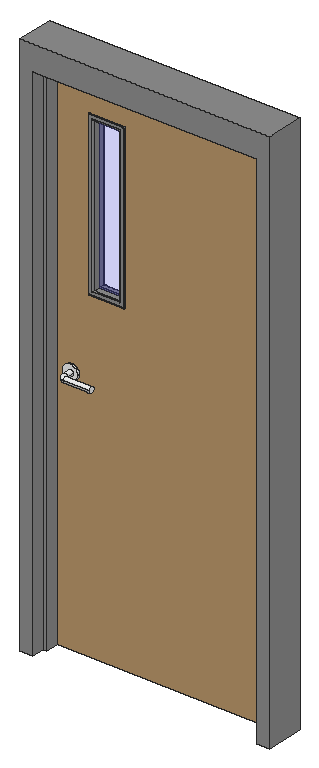
Revit family "M_Porta-Passagem-Única-Leve_Visão", category Portas, Revit 2019
Family settings
  Hospedeiro = Parede
  Número OmniClass = 23.30.10.00
  Título OmniClass = Doors
  Sempre na vertical = Sim
  Corte com vazios quando carregada = Não
  Compartilhado = Não
  Ponto de cálculo do ambiente = Não
Parameters
  Visual Light Transmittance = 0
  Espessura = 45 mm
  Resistência térmica (R) = 0.455703 (m²·K)/W
  Ângulo de abertura [instance] = 90.00°
  Altura do traçado = 1000 mm
  Solar Heat Gain Coefficient = 0
  Rough Width [instance] = Width + MFOpeningWidth  # 1000 mm
  Rough Height [instance] = Height + MFOpeningHeight  # 2200 mm
  Material do painel = Madeira - Bétula
  Moldura de alvenaria [instance] = yes
  MFOpeningHeight [instance] = if(Moldura de alvenaria, 100 mm, 30 mm)  # 100 mm
  MFOpeningWidth [instance] = if(Moldura de alvenaria, 100 mm, 60 mm)  # 100 mm
  Calcular inserção [instance] = if(Moldura de alvenaria, Inserção de alvenaria + 80 mm, 80 mm)  # 105 mm
  Inserção de alvenaria [instance] = 25 mm
  Height = 2100 mm
  Fechamento da parede = Por hospedeiro
  Width = 900 mm
  Coeficiente de transferência de calor (U) = 2.19465 W/(m²·K)
  Vidraça = Vidro
  Material de proteção de vidro = Metal - Acabamento de pintura - Cinza
  Função = Exterior
  Material da moldura = Metal - Acabamento de pintura - Cinza
  Profundidade da moldura de alvenaria = 150 mm
  Moldura de Dry Wall [instance] = not(Moldura de alvenaria)  # no
  Material da maçaneta = Alumín. 1
  Código de montagem = "B2030100"
  Construção analítica = "Madeira"
Reference planes
  plane 1 "Centro (Frente/Trás)": y = 0
  plane 2 "Centro (Esquerda/Direita)": x = 0
  plane 3 "Esquerda": x = -500
  plane 4 "Direita": x = 500
  plane 5 "Superior": z = 2200
  plane 6 "Exterior": y = 107.95
  plane 7 "Interior": y = -95.25
  plane 8 "Painel esquerdo da porta": x = -450
  plane 9 "Painel direito da porta": x = 450
  plane 10 "Topo do painel": z = 2100
  plane 11: z = 0
  plane 12: z = 0
  plane 13 "Traseira da porta": y = 37.95
  plane 14: z = 1000
  plane 15 "Frente da porta": y = 82.95
  plane 16: y = -67.05
  plane 17: y = 33.187
  plane 18: x = -434.125
  plane 19: y = -17.838
  plane 20: z = 2149.2
  plane 21: y = 187.95
  plane 22: z = 2150
  plane 23: x = 470.05
  plane 24: x = 519.05
  plane 25: y = 120.65
  plane 26: y = -107.95
  plane 27: x = 454.175
  plane 28: y = 33.187
  plane 29: y = -4.913
  plane 30: z = 1947.6
  plane 31: z = 1312.6
  plane 32: x = -297.6
  plane 33: x = -170.6
  plane 34: y = 63.625
  plane 35: y = 57.275
  plane 36: y = 60.45
  plane 37 "Vidro": y = 60.45
Forms (mm)
  Extrusion 1, solid, material "Madeira - Bétula" <- "Material do painel"
    sketch origin (0, 0, 0) x (1, 0, 0) y (0, 0, 1)
      loop
        line (450, 2100) -> (-450, 2100) -> (-450, 0) -> (450, 0) -> (450, 2100)
      loop
        line (-170.6, 1947.6) -> (-297.6, 1947.6) -> (-297.6, 1312.6) -> (-170.6, 1312.6) -> (-170.6, 1947.6)
    from -82.95 to -37.95
  Sweep 2, solid, material "Metal - Acabamento de pintura - Cinza" <- "Material da moldura", visible <- "Moldura de alvenaria"
    path origin (0, 107.95, 0) x (1, 0, 0) y (0, 0, 1)
      loop
        line (500, 0) -> (500, 2150) -> (-500, 2150) -> (-500, 0)
    profile origin (-500, 107.95, 1075) x (0, -1, 0) y (1, 0, 0)
      loop
        line (25, 50) -> (25, 0) -> (175, 0) -> (175, 50) -> (125.787, 50) -> (125.787, 65.875) -> (74.762, 65.875) -> (74.762, 50) -> (25, 50)
  Extrusion 3, solid, material "Metal - Acabamento de pintura - Cinza" <- "Material da moldura", visible <- "Moldura de alvenaria"
    sketch origin (0, 0, 0) x (0, 1, 0) y (0, 0, 1)
      loop
        line (82.95, 2200) -> (-67.05, 2200) -> (-67.05, 2149.2) -> (82.95, 2149.2) -> (82.95, 2200)
    from -500 to 500
  Sweep 4, solid, material "Metal - Acabamento de pintura - Cinza" <- "Material da moldura", visible <- "Moldura de Dry Wall"
    path origin (0, 107.95, 0) x (1, 0, 0) y (0, 0, 1)
      loop
        line (500, 0) -> (500, 2200) -> (-500, 2200) -> (-500, 0)
    profile origin (500, 107.95, 1100) x (-1, 0, 0) y (0, -1, 0)
      loop
        line (-19.05, -12.7) -> (29.95, -12.7) -> (29.95, 74.762) -> (45.825, 74.762) -> (45.825, 112.862) -> (29.95, 112.862) -> (29.95, 215.9) -> (-19.05, 215.9) -> (-19.05, 203.2) -> (0, 203.2) -> (0, 0) -> (-19.05, 0) -> (-19.05, -12.7)
  Extrusion 5, solid, material "Vidro" <- "Vidraça"
    sketch origin (0, 60.45, 0) x (1, 0, 0) y (0, 0, 1)
      loop
        line (-170.6, 1947.6) -> (-297.6, 1947.6) -> (-297.6, 1312.6) -> (-170.6, 1312.6) -> (-170.6, 1947.6)
    from -2.5 to 2.5
  Sweep 6, solid, material "Metal - Acabamento de pintura - Cinza" <- "Material de proteção de vidro", detail levels fine
    path origin (0, 82.95, 0) x (-1, 0, 0) y (0, 0, 1)
      loop
        line (170.6, 1947.6) -> (170.6, 1312.6) -> (297.6, 1312.6) -> (297.6, 1947.6) -> (170.6, 1947.6)
    profile "Cantoneira de vidraça : Cantoneira de vidraça" origin (-234.1, 82.95, 1947.6) x (0, 0, 1) y (0, 1, 0)
      loop
        line (0, 0) -> (8, 0) -> (8, 4)
        arc (8, 4) -> (7.414, 5.414) -> (6, 6) r 2
        line (6, 6) -> (-7, 6)
        arc (-7, 6) -> (-10.536, 4.536) -> (-12, 1) r 5
        line (-12, 1) -> (-12, -20) -> (0, -20) -> (0, 0)
  Sweep 7, solid, material "Metal - Acabamento de pintura - Cinza" <- "Material de proteção de vidro", detail levels fine
    path origin (0, 37.95, 0) x (-1, 0, 0) y (0, 0, 1)
      loop
        line (170.6, 1312.6) -> (297.6, 1312.6) -> (297.6, 1947.6) -> (170.6, 1947.6) -> (170.6, 1312.6)
    profile "Cantoneira de vidraça : Cantoneira de vidraça" origin (-234.1, 37.95, 1312.6) x (0, 0, 1) y (0, 1, 0)
      loop
        line (0, 0) -> (-8, 0) -> (-8, -4)
        arc (-8, -4) -> (-7.414, -5.414) -> (-6, -6) r 2
        line (-6, -6) -> (7, -6)
        arc (7, -6) -> (10.536, -4.536) -> (12, -1) r 5
        line (12, -1) -> (12, 20) -> (0, 20) -> (0, 0)
Cuts and joins
  joined: Sweep 2, Extrusion 3
Lines and regions (mm)
  Opening 1
    outline origin (-2286, -95.25, 0) x (1, 0, 0) y (0, 0, 1)
      loop
        line (1786, 0) -> (2786, 0) -> (2786, 2200) -> (1786, 2200) -> (1786, 0)
  Masking region 1, visible <- "Moldura de alvenaria", detail levels coarse+medium
    outline origin (0, 0, 0) x (1, 0, 0) y (0, 1, 0)
      loop
        line (-500, 82.95) -> (-500, -67.05) -> (-450, -67.05) -> (-450, 82.95) -> (-500, 82.95)
      loop
        line (500, 82.95) -> (450, 82.95) -> (450, -67.05) -> (500, -67.05) -> (500, 82.95)
  Masking region 2, visible <- "Moldura de alvenaria", detail levels fine
    outline origin (0, 0, 0) x (1, 0, 0) y (0, 1, 0)
      loop
        line (-500, 82.95) -> (-500, -67.05) -> (-450, -67.05) -> (-450, -17.838) -> (-434.125, -17.838) -> (-434.125, 33.187) -> (-450, 33.187) -> (-450, 82.95) -> (-500, 82.95)
      loop
        line (500, 82.95) -> (450, 82.95) -> (450, 33.187) -> (434.125, 33.187) -> (434.125, -17.838) -> (450, -17.838) -> (450, -67.05) -> (500, -67.05) -> (500, 82.95)
  Masking region 3, visible <- "Moldura de Dry Wall", detail levels coarse+medium
    outline origin (0, 0, 0) x (1, 0, 0) y (0, 1, 0)
      loop
        line (470.05, -95.25) -> (500, -95.25) -> (500, 107.95) -> (470.05, 107.95) -> (470.05, -95.25)
      loop
        line (-500, 107.95) -> (-500, -95.25) -> (-470.05, -95.25) -> (-470.05, 107.95) -> (-500, 107.95)
  Masking region 4, visible <- "Moldura de Dry Wall", detail levels fine
    outline origin (0, 0, 0) x (1, 0, 0) y (0, 1, 0)
      loop
        line (-519.05, 120.65) -> (-519.05, 107.95) -> (-500, 107.95) -> (-500, -95.25) -> (-519.05, -95.25) -> (-519.05, -107.95) -> (-470.05, -107.95) -> (-470.05, -4.913) -> (-454.175, -4.913) -> (-454.175, 33.187) -> (-470.05, 33.187) -> (-470.05, 120.65) -> (-519.05, 120.65)
      loop
        line (519.05, 107.95) -> (519.05, 120.65) -> (470.05, 120.65) -> (470.05, 33.187) -> (454.175, 33.187) -> (454.175, -4.913) -> (470.05, -4.913) -> (470.05, -107.95) -> (519.05, -107.95) -> (519.05, -95.25) -> (500, -95.25) -> (500, 107.95) -> (519.05, 107.95)
  symbolic lines, style "Giro da elevação"
    curve 1: line (-450, 107.95, 2100) -> (450, 107.95, 1050)
    curve 2: line (450, 107.95, 1050) -> (-450, 107.95, 0)
  model lines, style "DoorsGlassProjection"
    curve 3: line (-170.6, 60.45, 1947.6) -> (-170.6, 60.45, 1312.6)
    curve 4: line (-297.6, 60.45, 1947.6) -> (-297.6, 60.45, 1312.6)
Text (mm)
  text "Exterior" at (-1904.17, 693.701, 0), in view "Nível de referência"
  text "Interior" at (-1904.17, -638.649, 0), in view "Nível de referência"
  text "Exterior" at (0, 1019.848, 3124.603), in view "Direita"
  text "Interior" at (0, -1635.541, 3124.603), in view "Direita"
  text "Interior" at (0, -787.806, 3124.376), in view "Esquerda"
  text "Exterior" at (0, 1386.095, 3124.376), in view "Esquerda"
Dimensions and locks
  equal spacing: plane 3 "Esquerda", plane 2 "Centro (Esquerda/Direita)", plane 4 "Direita"
  "Rough Height": level to plane 5 "Superior"
  equal spacing: plane 8 "Painel esquerdo da porta", plane 2 "Centro (Esquerda/Direita)", plane 9 "Painel direito da porta"
  "Width": plane 8 "Painel esquerdo da porta" to plane 9 "Painel direito da porta"
  "Height": level to plane 10 "Topo do painel"
  plane 11 to plane 12 = 0 mm
  "Rough Width": plane 3 "Esquerda" to plane 4 "Direita"
  equal spacing: plane 12, curve 2, plane 10 "Topo do painel"
  "Espessura": plane 15 "Frente da porta" to plane 13 "Traseira da porta"
  "Profundidade da moldura de alvenaria": plane 15 "Frente da porta" to plane 16
  locked: plane 13 "Traseira da porta" to plane 17 at 4.763
  locked: plane 16 to plane 19 at 49.213
  locked: plane 8 "Painel esquerdo da porta" to plane 18 at 15.875
  locked: plane 20 to plane 5 "Superior" at 50.8
  locked: plane 6 "Exterior" to plane 21 at 80
  "Calcular inserção": plane 21 to plane 15 "Frente da porta"
  locked: plane 10 "Topo do painel" to plane 22 at 50
  locked: plane 4 "Direita" to plane 24 at 19.05
  locked: plane 6 "Exterior" to plane 25 at 12.7
  locked: plane 26 to plane 7 "Interior" at 12.7
  locked: plane 23 to plane 24 at 49
  plane 13 "Traseira da porta" to plane 28 to plane 29 = 4.762 mm locked, 38.1 mm locked
  locked: plane 27 to plane 23 at 15.875
  "Altura do traçado": plane 11 to plane 14
  locked: plane 30 to plane 10 "Topo do painel" at 152.4
  locked: plane 8 "Painel esquerdo da porta" to plane 32 at 152.4
  locked: plane 32 to plane 33 at 127
  locked: plane 31 to plane 30 at 635
  equal spacing: plane 15 "Frente da porta", plane 36, plane 13 "Traseira da porta"
  locked: plane 36 to plane 35 at 3.175
  locked: plane 34 to plane 36 at 3.175
  equal spacing: plane 15 "Frente da porta", plane 37 "Vidro", plane 13 "Traseira da porta"
  aligned and locked: plane 3 "Esquerda" to Opening 1 sketch curve
  aligned and locked: plane 5 "Superior" to Opening 1 sketch curve  (x2)
  aligned and locked: Opening 1 sketch curve to plane 4 "Direita"
  aligned and locked: Opening 1 sketch curve to level
  aligned and locked: plane 6 "Exterior" to host wall
  aligned and locked: plane 7 "Interior" to host wall
  aligned and locked: plane 11 to level
  aligned and locked: Extrusion 1 sketch curve to plane 10 "Topo do painel"
  aligned and locked: Extrusion 1 sketch curve to plane 8 "Painel esquerdo da porta"
  aligned and locked: plane 9 "Painel direito da porta" to Extrusion 1 sketch curve
  aligned and locked: Extrusion 1 sketch curve to plane 12
  aligned and locked: Extrusion 1 to plane 13 "Traseira da porta"
  aligned and locked: nested 1 to plane 9 "Painel direito da porta"
  aligned and locked: nested 2 to plane 8 "Painel esquerdo da porta"
  aligned and locked: nested 2 to plane 14
  aligned and locked: plane 8 "Painel esquerdo da porta" to nested 3
  aligned and locked: nested 3 to plane 13 "Traseira da porta"
  aligned and locked: plane 14 to nested 3
  aligned and locked: nested 1 to plane 15 "Frente da porta"
  aligned and locked: nested 2 to plane 15 "Frente da porta"
  aligned and locked: Extrusion 1 to nested 1
  aligned and locked: Sweep 2 sketch curve to plane 3 "Esquerda"  (x2)
  aligned and locked: plane 11 to Sweep 2 sketch curve  (x2)
  aligned and locked: plane 18 to Sweep 2 sketch curve
  aligned and locked: plane 8 "Painel esquerdo da porta" to Sweep 2 sketch curve  (x2)
  aligned and locked: plane 17 to Sweep 2 sketch curve
  aligned and locked: Sweep 2 sketch curve to plane 19
  aligned and locked: Sweep 2 sketch curve to plane 16
  aligned and locked: Sweep 2 sketch curve to plane 15 "Frente da porta"
  aligned and locked: Sweep 2 sketch curve to plane 4 "Direita"
  aligned and locked: plane 5 "Superior" to Extrusion 3 sketch curve
  aligned and locked: Extrusion 3 sketch curve to plane 16
  aligned and locked: Extrusion 3 sketch curve to plane 15 "Frente da porta"
  aligned and locked: plane 20 to Extrusion 3 sketch curve
  aligned and locked: cut or joined group of Sweep 2, Extrusion 3 to plane 4 "Direita"
  aligned and locked: plane 3 "Esquerda" to cut or joined group of Sweep 2, Extrusion 3
  aligned and locked: Masking region 1 sketch curve to plane 15 "Frente da porta"
  aligned and locked: plane 8 "Painel esquerdo da porta" to Masking region 1 sketch curve
  aligned and locked: Masking region 1 sketch curve to plane 16
  aligned and locked: Masking region 1 sketch curve to plane 3 "Esquerda"
  aligned and locked: plane 15 "Frente da porta" to Masking region 1 sketch curve
  aligned and locked: Masking region 1 sketch curve to plane 4 "Direita"
  aligned and locked: plane 9 "Painel direito da porta" to Masking region 1 sketch curve
  aligned and locked: plane 16 to Masking region 1 sketch curve
  aligned and locked: Masking region 2 sketch curve to plane 3 "Esquerda"
  aligned and locked: Masking region 2 sketch curve to plane 16
  aligned and locked: plane 8 "Painel esquerdo da porta" to Masking region 2 sketch curve  (x2)
  aligned and locked: Masking region 2 sketch curve to plane 15 "Frente da porta"
  aligned and locked: Masking region 2 sketch curve to cut or joined group of Sweep 2, Extrusion 3  (x4)
  aligned and locked: plane 15 "Frente da porta" to Masking region 2 sketch curve
  aligned and locked: Masking region 2 sketch curve to plane 4 "Direita"
  aligned and locked: plane 9 "Painel direito da porta" to Masking region 2 sketch curve  (x2)
  aligned and locked: plane 16 to Masking region 2 sketch curve
  aligned and locked: cut or joined group of Sweep 2, Extrusion 3 to Masking region 2 sketch curve  (x2)
  aligned and locked: plane 22 to Sweep 2 sketch curve
  aligned and locked: plane 4 "Direita" to Sweep 4 sketch curve
  aligned and locked: Sweep 4 sketch curve to plane 3 "Esquerda"
  aligned and locked: plane 24 to Sweep 4 sketch curve  (x2)
  aligned and locked: Sweep 4 sketch curve to plane 7 "Interior"
  aligned and locked: Sweep 4 sketch curve to plane 26
  aligned and locked: Sweep 4 sketch curve to plane 23  (x2)
  aligned and locked: Sweep 4 sketch curve to plane 29
  aligned and locked: plane 27 to Sweep 4 sketch curve
  aligned and locked: plane 28 to Sweep 4 sketch curve
  aligned and locked: Sweep 4 sketch curve to plane 25
  aligned and locked: plane 6 "Exterior" to Sweep 4 sketch curve
  aligned and locked: Sweep 4 sketch curve to plane 4 "Direita"
  aligned and locked: plane 5 "Superior" to Sweep 4 sketch curve
  aligned and locked: Masking region 3 sketch curve to plane 6 "Exterior"
  aligned and locked: plane 7 "Interior" to Masking region 3 sketch curve
  aligned and locked: Masking region 3 sketch curve to plane 4 "Direita"
  aligned and locked: Masking region 3 sketch curve to Sweep 4  (x2)
  aligned and locked: plane 6 "Exterior" to Masking region 3 sketch curve
  aligned and locked: Masking region 3 sketch curve to plane 3 "Esquerda"
  aligned and locked: Masking region 3 sketch curve to plane 7 "Interior"
  aligned and locked: Masking region 4 sketch curve to plane 3 "Esquerda"
  aligned and locked: Masking region 4 sketch curve to Sweep 4  (x13)
  aligned and locked: Masking region 4 sketch curve to plane 6 "Exterior"
  aligned and locked: plane 7 "Interior" to Masking region 4 sketch curve
  aligned and locked: Masking region 4 sketch curve to plane 4 "Direita"
  aligned and locked: Masking region 4 sketch curve to plane 7 "Interior"
  aligned and locked: Sweep 4 to Masking region 4 sketch curve  (x5)
  aligned and locked: plane 6 "Exterior" to Masking region 4 sketch curve
  aligned and locked: plane 11 to Sweep 4 sketch curve  (x2)
  aligned and locked: Extrusion 1 sketch curve to plane 30
  aligned and locked: Extrusion 1 sketch curve to plane 32
  aligned and locked: plane 31 to Extrusion 1 sketch curve
  aligned and locked: plane 33 to Extrusion 1 sketch curve
  aligned and locked: Extrusion 5 sketch curve to plane 32
  aligned and locked: plane 33 to Extrusion 5 sketch curve
  aligned and locked: Extrusion 5 sketch curve to plane 30
  aligned and locked: plane 31 to Extrusion 5 sketch curve
  aligned and locked: plane 31 to Sweep 6 sketch curve
  aligned and locked: Sweep 6 sketch curve to plane 32
  aligned and locked: Sweep 6 sketch curve to plane 30
  aligned and locked: plane 33 to Sweep 6 sketch curve
  aligned and locked: Sweep 7 sketch curve to plane 30
  aligned and locked: plane 31 to Sweep 7 sketch curve
  aligned and locked: Sweep 7 sketch curve to plane 32
  aligned and locked: plane 33 to Sweep 7 sketch curve
  aligned and locked: plane 30 to curve 4
  aligned and locked: plane 30 to curve 3
  aligned and locked: plane 31 to curve 4
  aligned and locked: plane 31 to curve 3
  aligned and locked: curve 4 to plane 32
  aligned and locked: curve 3 to plane 33
Automatic sketch dimensions
  curve 2 to level = 0 mm
  curve 2 to plane 8 "Painel esquerdo da porta" = 0 mm
  curve 1 to plane 8 "Painel esquerdo da porta" = 0 mm
  curve 2 to plane 9 "Painel direito da porta" = 0 mm
  curve 1 to plane 10 "Topo do painel" = 0 mm
Nested families
  nested 1: "Porta com abertura única" at (450, 82.95, 0), Ângulo de abertura <- "Ângulo de abertura", type "Único"
    with Abertura visível yes, Ângulo de abertura 90.00°, Ângulo real 90.00°
  nested 2: "M_Alavanca da maçaneta" at (-600, 82.95, 1000), type "Padrão", detail levels fine
  nested 3: "M_Alavanca da maçaneta" at (-600, 37.95, 1000), type "Padrão", detail levels fine
Definition of nested family "M_Alavanca da maçaneta"
  Parameters (values of type "Padrão")
    Material = none
    Distância Z da maçaneta = 0 mm
    Distância X da maçaneta = 75.009 mm
    Assembly Code = ""
    Analytic Construction = "<Nenhum>"
  Reference planes
    plane 1 "Centro (Frente/Trás)": y = 0
    plane 2: z = 0
    plane 3 "Centro (Esquerda/Direita)": x = 150
    plane 4: z = 0
    plane 5 "Maçaneta C/L": x = 225.009
  Forms (mm)
    Extrusion 1, solid, material <- "Material"
      sketch origin (300, 0, 0) x (1, 0, 0) y (0, 0, -1)
        loop
          circle (-77.491, 0) r 30
      from 0 to 8
    Sweep 2, solid, material <- "Material"
      path origin (0, 0, 0) x (0, -1, 0) y (1, 0, 0)
        loop
          line (-8, 225.009) -> (-38, 225.009)
          arc (-38, 225.009) -> (-48.607, 229.403) -> (-53, 240.009) r 15
          line (-53, 240.009) -> (-53, 345.009)
      profile origin (225.009, 23, 0) x (1, 0, 0) y (0, 0, 1)
        loop
          circle (0, 0) r 10
  Dimensions and locks
    "Distância Z da maçaneta": plane 4 to level
    Sweep 2 sketch curve to Sweep 2 sketch curve = 105 mm
    "Distância X da maçaneta": plane 5 "Maçaneta C/L" to plane 3 "Centro (Esquerda/Direita)"
    plane 5 "Maçaneta C/L" to Sweep 2 sketch curve = 120 mm
    aligned and locked: plane 4 to Extrusion 1 sketch curve
  Automatic sketch dimensions
    Sweep 2 sketch curve to profile plane = 0 mm  (x2)
    Sweep 2 sketch curve to plane 5 "Maçaneta C/L" = 0 mm
    Sweep 2 sketch curve to plane 1 "Centro (Frente/Trás)" = 53 mm
    Sweep 2 sketch curve to plane 1 "Centro (Frente/Trás)" = 8 mm
    Extrusion 1 sketch curve to plane 5 "Maçaneta C/L" = 2.5 mm
    radius of Sweep 2 sketch curve = 10 mm
    radius of Extrusion 1 sketch curve = 30 mm
Definition of nested family "Porta com abertura única"
  Parameters (values of type "Único")
    Width = 900 mm
    Thickness = 45 mm
    Abertura visível [instance] = Ângulo de abertura > 1.00°  # yes
    Ângulo de abertura [instance] = 45.00°
    Assembly Code = ""
    Analytic Construction = "<Nenhum>"
    Ângulo real [instance] = if(Ângulo de abertura < 1.00°, 1.00°, Ângulo de abertura)  # 45.00°
  Reference planes
    plane 1 "Centro (Frente/Trás)": y = 0
    plane 2: z = 0
    plane 3 "Centro (Esquerda/Direita)": x = 0
    plane 4: x = -900
  Lines and regions (mm)
    Masking region 1
      outline origin (0, 0, 0) x (-0.707107, 0.707107, 0) y (-0.707107, -0.707107, 0)
        loop
          line (0, 0) -> (900, 0) -> (900, 45) -> (0, 45) -> (0, 0)
    symbolic lines
      curve 1: line (0, 0, 0) -> (-900, 0, 0)
    symbolic lines, visible <- "Abertura visível"
      curve 2: arc (-900, 0, 0) -> (-831.492, 344.415, 0) -> (-636.396, 636.396, 0) r 900
    reference lines
      curve 3: line (0, 0, 0) -> (-636.396, 636.396, 0)
    model lines
      curve 4: line (0, 0, 0) -> (0, 0, 25.4)
  Dimensions and locks
    "Width": plane 4 to plane 3 "Centro (Esquerda/Direita)"
    locked: curve 2 to plane 3 "Centro (Esquerda/Direita)"
    locked: curve 2 to plane 1 "Centro (Frente/Trás)"
    "Width": curve 3 to curve 3
    "Thickness": Masking region 1 sketch curve to Masking region 1 sketch curve
    locked: curve 4 to plane 2 at 25.4
    "Width": radius of curve 2
    "Ângulo real": angle curve 2 to curve 2
    "Ângulo de abertura": angle curve 3 to plane 1 "Centro (Frente/Trás)"
    aligned and locked: curve 1 to plane 1 "Centro (Frente/Trás)"
    aligned and locked: plane 3 "Centro (Esquerda/Direita)" to curve 1
    aligned and locked: plane 3 "Centro (Esquerda/Direita)" to curve 3
    aligned and locked: plane 1 "Centro (Frente/Trás)" to curve 3
    aligned and locked: curve 3 to Masking region 1 sketch curve
    aligned and locked: Masking region 1 sketch curve to curve 3  (x2)
    aligned and locked: plane 3 "Centro (Esquerda/Direita)" to curve 4
    aligned and locked: plane 2 to curve 4
Types in the file's own list only (17): name | Transmissão de luz visual | Resistência térmica (R) | Coeficiente de ganho de calor solar | Altura | Largura | Coeficiente de transferência de calor (U)
  750 x 2000mm | 0 | 0.4557 (m²·K)/W | 0 | 2000 mm | 750 mm | 2.1946 W/(m²·K)
  750 x 2100mm | 0 | 0.4557 (m²·K)/W | 0 | 2100 mm | 750 mm | 2.1946 W/(m²·K)
  900 x 2000mm | 0 | 0.4557 (m²·K)/W | 0 | 2000 mm | 900 mm | 2.1946 W/(m²·K)
  900 x 2100mm | 0 | 0.4557 (m²·K)/W | 0 | 2100 mm | 900 mm | 2.1946 W/(m²·K)
  900 x 2200mm | 0 | 0.4557 (m²·K)/W | 0 | 2200 mm | 900 mm | 2.1946 W/(m²·K)
  900 x 2350mm | 0 | 0.4557 (m²·K)/W | 0 | 2350 mm | 900 mm | 2.1946 W/(m²·K)
  900 x 2400mm | 0 | 0.4557 (m²·K)/W | 0 | 2400 mm | 900 mm | 2.1946 W/(m²·K)
  1050 x 2000mm | 0 | 0.4557 (m²·K)/W | 0 | 2000 mm | 1050 mm | 2.1946 W/(m²·K)
  1050 x 2100mm | 0 | 0.4557 (m²·K)/W | 0 | 2100 mm | 1050 mm | 2.1946 W/(m²·K)
  1050 x 2200mm | 0 | 0.4557 (m²·K)/W | 0 | 2200 mm | 1050 mm | 2.1946 W/(m²·K)
  1050 x 2350mm | 0 | 0.4557 (m²·K)/W | 0 | 2350 mm | 1050 mm | 2.1946 W/(m²·K)
  1050 x 2400mm | 0 | 0.4557 (m²·K)/W | 0 | 2400 mm | 1050 mm | 2.1946 W/(m²·K)
  1200 x 2000mm | 0 | 0.4557 (m²·K)/W | 0 | 2000 mm | 1200 mm | 2.1946 W/(m²·K)
  1200 x 2100mm | 0 | 0.4557 (m²·K)/W | 0 | 2100 mm | 1200 mm | 2.1946 W/(m²·K)
  1200 x 2200mm | 0 | 0.4557 (m²·K)/W | 0 | 2200 mm | 1200 mm | 2.1946 W/(m²·K)
  1200 x 2350mm | 0 | 0.4557 (m²·K)/W | 0 | 2350 mm | 1200 mm | 2.1946 W/(m²·K)
  1200 x 2400mm | 0 | 0.4557 (m²·K)/W | 0 | 2400 mm | 1200 mm | 2.1946 W/(m²·K)
